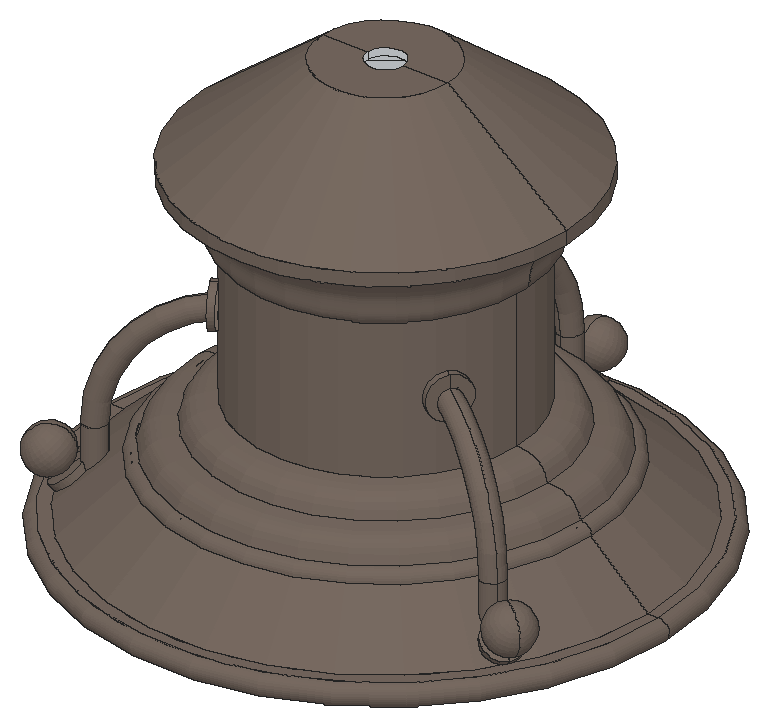
Revit family "MCA8 SHADE", category Lighting Fixtures, Revit 2024
Family settings
  Round Connector Dimension = Use Diameter
  Part Type = Normal
  OmniClass Number = 23.80.70.00
  OmniClass Title = Lighting
  Work Plane-Based = No
  Always vertical = Yes
  Cut with Voids When Loaded = No
  Light Source = Yes
  Maintain Annotation Orientation = No
  Shared = No
  Room Calculation Point = No
Parameters
  Wattage = 12.1178 W
  built-in parameter 1150110 = 1 (stored number, unit not read)
  built-in parameter 1114217 = 1 (stored number, unit not read)
  built-in parameter 1150109 = 1 (stored number, unit not read)
  built-in parameter 1150134 = (empty or 0)
  built-in parameter 1150113 = 1 (stored number, unit not read)
  Lumens = 1800 lm
  built-in parameter 1150115 = 1 (stored number, unit not read)
  built-in parameter 1150105 = 572.96 (stored number, unit not read)
  Light Source Symbol Size = 2' - 0"
  built-in parameter 1150137 = (empty or 0)
  built-in parameter 1150139 = (empty or 0)
  built-in parameter 1150112 = 1 (stored number, unit not read)
  built-in parameter 1150114 = 1 (stored number, unit not read)
  built-in parameter 1150132 = 2
  built-in parameter 1150102 = (empty or 0)
  built-in parameter 1150138 = (empty or 0)
  built-in parameter 1150107 = 3000 (stored number, unit not read)
  built-in parameter 1150106 = 5.7296 (stored number, unit not read)
  built-in parameter 1150104 = 13.8 (stored number, unit not read)
  Dimming Lamp Color Temperature Shift = (empty or 0)
  Default Elevation = 0' - 0"
  Color Filter = 16777215
  built-in parameter 1114218 = 1 (stored number, unit not read)
  built-in parameter 1150133 = 10 (stored number, unit not read)
Reference planes (in)
  plane 1 "Light Source Axis (F/B)": y = 0
  plane 2: z = 0
  plane 3 "Light Source Axis (L/R)": x = 0
  plane 4 "Light Source Elevation": z = 84
Forms (in)
  Revolve 1, solid
    sketch origin (0, 0, 0) x (1, 0, 0) y (0, 0, 1)
      loop
        line (-0.25, 90) -> (-0.87711, 90) -> (-2.55161, 88.7242) -> (-2.55161, 88.55042)
        spline (-2.55161, 88.55042) -> (-2.37344, 88.44351) -> (-2.28718, 88.38662) -> (-2.23353, 88.34177) -> (-2.18766, 88.29451) -> (-2.14489, 88.24372) -> (-2.10576, 88.18928) -> (-2.07534, 88.13584) -> (-2.05596, 88.08311) -> (-2.0427, 88.01813) -> (-2.03209, 87.93809) -> (-2.00561, 87.83318) -> (-1.84993, 87.73545)
        line (-1.84993, 87.73545) -> (-1.84993, 85.75884)
        spline (-1.84993, 85.75884) -> (-1.92927, 85.74637) -> (-1.99405, 85.73333) -> (-2.04654, 85.7195) -> (-2.089, 85.70463) -> (-2.12369, 85.68848) -> (-2.15288, 85.67082) -> (-2.17875, 85.65125) -> (-2.20258, 85.62799) -> (-2.22519, 85.59846) -> (-2.24739, 85.56011) -> (-2.26998, 85.51034) -> (-2.29376, 85.44658)
        spline (-2.29376, 85.44658) -> (-2.33366, 85.44435) -> (-2.38687, 85.43822) -> (-2.44454, 85.42901) -> (-2.4979, 85.41757) -> (-2.54205, 85.40423) -> (-2.57839, 85.38857) -> (-2.60892, 85.37011) -> (-2.63563, 85.34833) -> (-2.66057, 85.32165) -> (-2.68622, 85.28308) -> (-2.71513, 85.22394) -> (-2.7499, 85.13554)
        arc (-2.7499, 85.13554) -> (-2.85577, 85.09169) -> (-2.89962, 84.98582) r 0.14972
        line (-2.89962, 84.98582) -> (-3.69406, 84.28648) -> (-3.85676, 84.28648)
        arc (-3.85676, 84.28648) -> (-3.95762, 84.04153) -> (-3.71352, 84.14445) r 0.14324
        line (-3.71352, 84.14445) -> (-2.79206, 84.94901)
        arc (-2.79206, 84.94901) -> (-2.77725, 85.03466) -> (-2.69648, 85.00253) r 0.05597
        spline (-2.69648, 85.00253) -> (-2.65361, 85.12562) -> (-2.62104, 85.20464) -> (-2.59754, 85.24873) -> (-2.58089, 85.27064) -> (-2.56316, 85.28719) -> (-2.5442, 85.30043) -> (-2.52011, 85.31225) -> (-2.48598, 85.32373) -> (-2.43843, 85.33475) -> (-2.38162, 85.34427) -> (-2.32832, 85.3507) -> (-2.29376, 85.35283)
        line (-2.29376, 85.35283) -> (-2.20512, 85.41606)
        spline (-2.20512, 85.41606) -> (-2.1832, 85.47481) -> (-2.16387, 85.51751) -> (-2.14711, 85.54658) -> (-2.13252, 85.56569) -> (-2.11805, 85.5798) -> (-2.10015, 85.5933) -> (-2.07951, 85.60579) -> (-2.05381, 85.61773) -> (-2.01923, 85.6298) -> (-1.97304, 85.64197) -> (-1.91291, 85.65405) -> (-1.83689, 85.66601)
        line (-1.83689, 85.66601) -> (-1.75618, 85.67631) -> (-1.75618, 87.73545) -> (-1.84993, 87.8292)
        spline (-1.84993, 87.8292) -> (-1.92132, 87.87501) -> (-1.93736, 87.95061) -> (-1.94573, 88.02951) -> (-1.95858, 88.10177) -> (-1.98043, 88.16637) -> (-2.01366, 88.2288) -> (-2.05381, 88.28787) -> (-2.09716, 88.34221) -> (-2.14446, 88.39355) -> (-2.20221, 88.4445) -> (-2.28919, 88.50535) -> (-2.45786, 88.61272)
        line (-2.45786, 88.61272) -> (-2.45786, 88.67776) -> (-0.84547, 89.90625) -> (-0.25, 89.90625) -> (-0.25, 90)
      axis (0, 90) -> (0, 84.14445)
    angle from 0 to 360
  Revolve 2, solid, not visible
    sketch origin (0, 0, 0) x (1, 0, 0) y (0, 0, 1)
      loop
        line (-2.99192, 88.09279) -> (-2.89556, 88.09279) -> (-2.89556, 88.38477) -> (-2.99192, 88.38477) -> (-2.99192, 88.09279)
      axis (-2.89556, 88.09279) -> (-2.99192, 88.09279)
    angle from 0 to 360
  Sweep 3, solid, not visible
    path origin (0, 0, 0) x (1, 0, 0) y (0, 0, 1)
      loop
        arc (-2.97158, 88.08519) -> (-3.96217, 87.55604) -> (-4.35786, 86.505) r 1.59375
        line (-4.35786, 86.505) -> (-4.35786, 85.3018)
    profile origin (-3.96217, 0, 87.55604) x (0.751723, 0, -0.659479) y (0, -1, 0)
      loop
        circle (0, 0) r 0.15625
  Revolve 4, solid, not visible
    sketch origin (0, 0, 0) x (1, 0, 0) y (0, 0, 1)
      loop
        line (-4.84702, 85.01395) -> (-4.61007, 85.21882) -> (-4.67548, 85.29447) -> (-5.07238, 85.7535)
        arc (-5.07238, 85.7535) -> (-5.11657, 85.32649) -> (-4.68956, 85.2823) r 0.30356
        line (-4.68956, 85.2823) -> (-4.91791, 85.08485) -> (-4.84702, 85.01395)
      axis (-4.61007, 85.21882) -> (-5.07238, 85.7535)
    angle from 0 to 360
  Revolve 5, solid
    sketch origin (0, -1.03769, -1.35731) x (0, -1, 0) y (0, 0, 1)
      loop
        line (-2.99192, 88.09279) -> (-2.89556, 88.09279) -> (-2.89556, 88.38477) -> (-2.99192, 88.38477) -> (-2.99192, 88.09279)
      axis (-2.89556, 88.09279) -> (-2.99192, 88.09279)
    angle from 0 to 360
  Sweep 6, solid
    path origin (0, -1.03769, -1.35731) x (0, -1, 0) y (0, 0, 1)
      loop
        arc (-2.89556, 88.08519) -> (-3.88616, 87.55604) -> (-4.28185, 86.505) r 1.59375
        line (-4.28185, 86.505) -> (-4.28185, 85.94251)
    profile origin (0, 2.84847, 86.19874) x (0, -0.751723, -0.659479) y (-1, 0, 0)
      loop
        circle (0, 0) r 0.15625
  Revolve 7, solid
    sketch origin (0, 0, 0) x (0, -1, 0) y (0, 0, 1)
      loop
        line (-3.69406, 84.28648) -> (-3.50939, 84.47116) -> (-3.94485, 84.99771)
        arc (-3.94485, 84.99771) -> (-4.02397, 84.59915) -> (-3.63481, 84.48228) r 0.30213
        line (-3.63481, 84.48228) -> (-3.76233, 84.35475) -> (-3.69406, 84.28648)
      axis (-3.4937, 84.45219) -> (-3.94485, 84.99771)
    angle from 0 to 360
  Revolve 8, solid
    sketch origin (-0.89867, 0.51885, -1.35731) x (-0.866025, 0.5, 0) y (0, 0, 1)
      loop
        line (-2.99192, 88.09279) -> (-2.89556, 88.09279) -> (-2.89556, 88.38477) -> (-2.99192, 88.38477) -> (-2.99192, 88.09279)
      axis (-2.89556, 88.09279) -> (-2.99192, 88.09279)
    angle from 0 to 360
  Sweep 9, solid
    path origin (-0.89867, 0.51885, -1.35731) x (-0.866025, 0.5, 0) y (0, 0, 1)
      loop
        arc (-2.89556, 88.08519) -> (-3.88616, 87.55604) -> (-4.28185, 86.505) r 1.59375
        line (-4.28185, 86.505) -> (-4.28185, 85.94251)
    profile origin (2.46684, -1.42423, 86.19874) x (-0.651011, 0.375862, -0.659479) y (0.5, 0.866025, 0)
      loop
        circle (0, 0) r 0.15625
  Revolve 10, solid
    sketch origin (0, 0, 0) x (-0.866025, 0.5, 0) y (0, 0, 1)
      loop
        line (-3.69406, 84.28648) -> (-3.50939, 84.47116) -> (-3.94485, 84.99771)
        arc (-3.94485, 84.99771) -> (-4.02397, 84.59915) -> (-3.63481, 84.48228) r 0.30213
        line (-3.63481, 84.48228) -> (-3.76233, 84.35475) -> (-3.69406, 84.28648)
      axis (-3.4937, 84.45219) -> (-3.94485, 84.99771)
    angle from 0 to 360
  Revolve 11, solid
    sketch origin (0.89867, 0.51885, -1.35731) x (0.866025, 0.5, 0) y (0, 0, 1)
      loop
        line (-2.99192, 88.09279) -> (-2.89556, 88.09279) -> (-2.89556, 88.38477) -> (-2.99192, 88.38477) -> (-2.99192, 88.09279)
      axis (-2.89556, 88.09279) -> (-2.99192, 88.09279)
    angle from 0 to 360
  Sweep 12, solid
    path origin (0.89867, 0.51885, -1.35731) x (0.866025, 0.5, 0) y (0, 0, 1)
      loop
        arc (-2.89556, 88.08519) -> (-3.88616, 87.55604) -> (-4.28185, 86.505) r 1.59375
        line (-4.28185, 86.505) -> (-4.28185, 85.94251)
    profile origin (-2.46684, -1.42423, 86.19874) x (0.651011, 0.375862, -0.659479) y (0.5, -0.866025, 0)
      loop
        circle (0, 0) r 0.15625
  Revolve 13, solid
    sketch origin (0, 0, 0) x (0.866025, 0.5, 0) y (0, 0, 1)
      loop
        line (-3.69406, 84.28648) -> (-3.50939, 84.47116) -> (-3.94485, 84.99771)
        arc (-3.94485, 84.99771) -> (-4.02397, 84.59915) -> (-3.63481, 84.48228) r 0.30213
        line (-3.63481, 84.48228) -> (-3.76233, 84.35475) -> (-3.69406, 84.28648)
      axis (-3.4937, 84.45219) -> (-3.94485, 84.99771)
    angle from 0 to 360
Dimensions and locks (in)
  aligned and locked: plane 3 "Light Source Axis (L/R)" to imposter light
  aligned and locked: plane 1 "Light Source Axis (F/B)" to imposter light
  aligned and locked: plane 4 "Light Source Elevation" to imposter light
  aligned and locked: level to plane 2
